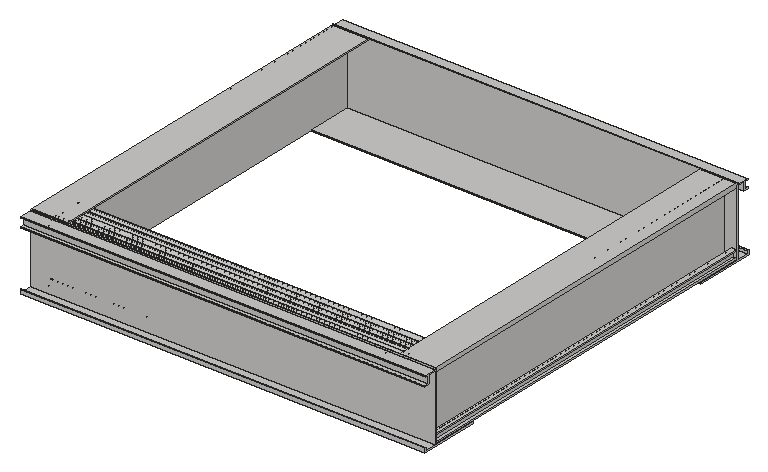
Revit family "Louver_Carnes-Ext_Alum-Drainable-Stationary-FPBB", category Duct Accessories, host Face, Revit 2012
Parameters (values of type "See Type Catalog")
  ecoScorecard_data = ""
  ecoScorecard Product Page = "http://ecoscorecard.com/"
  Width = 24"
  Warranty URL = "http://www.carnes.com/GeneralCatalogs/termcond.pdf"
  URL = "http://www.carnes.com/index.html"
  Subcategory = "Louvers and Dampers"  # constant formula
  Spec Sheet URL = "http://www.carnes.com/Louvers/pdf/17125.pdf"
  Product Page URL = "http://www.carnes.com/Louvers/FPBB-FTBB.htm"
  Product Line = "Extruded Aluminum Stationary Drainable Blade Louver"  # constant formula
  Offset = 3"
  Model = "FPBB"  # constant formula
  Minimum Size = "12\"W x 12\"H"
  Maximum Vertical Size = "84\"W x 120\"H"
  Maximum System Velocity = 1250 FPM  # constant formula
  Maximum System Pressure = 0.70 in-wg  # constant formula
  Maximum Size Note = ""
  Maximum Horinzontal Size = "120\"W x 84\"H"
  Manufacturer Phone = "608-845-6411"  # constant formula
  Manufacturer Fax = "608-845-6470"  # constant formula
  Manufacturer Email = "mailto:carnes@carnes.com"
  Manufacturer Address = "448 S. Main St., P. O. Box 930040, Verona, WI 53593-0040"  # constant formula
  Manufacturer = "CARNES COMPANY"  # constant formula
  Installation and Maintenance URL = ""
  Height = 24"
  Free Area = ""
  Frame Material = Metal - Carnes - Steel - Galvanized
  Fire Closure Device = ""
  Duct Connector 2 = "Duct Connection 2"  # constant formula
  Duct Connector 1 = "Duct Connection 1"  # constant formula
  Description = "Extruded Aluminum Stationary Drainable Blade Louver"  # constant formula
  Depth = 4 41/256"
  Default Elevation = 0"
  Cost Info = "mailto:carnes@carnes.com"
  Catalog URL = "http://www.carnes.com/Louvers/pdf/f24-25.pdf"
  Blade Width = Actual Width - 217/256" * 2  # 22 39/128"
  Blade Material = Metal - Carnes - Steel - Galvanized
  Assembly Code = "B2010300"
  Actual Width = if(Width < 6", 6", if(Width > 72", 72", Width))  # 24"
  Actual Height = if(Height < 6", 6", if(Height > 72", 72", Height))  # 24"
  95 CSI = "10200"  # constant formula
  04 CSI = "08 91 00"  # constant formula
Reference planes (in)
  plane 1 "Center (Front/Back)": y = 0
  plane 2: z = 0
  plane 3 "Center (Left/Right)": x = 0
  plane 4: x = -12
  plane 5: x = 12
  plane 6: y = 12
  plane 7: y = -12
  plane 8: y = -10.9375
  plane 9: x = -11.20993
  plane 10: x = 11.20993
  plane 11: z = -1.5
  plane 12: y = -11.47734
  plane 13: x = 22.20993
  plane 14: z = -5.375
  plane 15: z = -3
  plane 16: y = -9.48917
  plane 17: z = -1.90625
  plane 18: z = 1.5
  plane 19: z = -4.09375
  plane 20: z = -7.5
  plane 21: y = -10.85234
  plane 22: x = 10.20993
Forms (in)
  Extrusion 1, void
    sketch origin (0, 0, 0) x (1, 0, 0) y (0, 1, 0)
      loop
        line (12, -12) -> (12, 12) -> (-12, 12) -> (-12, -12) -> (12, -12)
    from 0 to -32.56442
  Sweep 2, solid, material "Metal - Carnes - Steel - Galvanized" <- "Frame Material", detail levels medium+fine
    path origin (0, -21.84066, -3) x (-1, 0, 0) y (0, -1, 0)
      loop
        line (12, -10.68775) -> (12, -32.99357)
    profile "Right-Left-Profile : Right-Left-Profile" origin (-12, 0, -3) x (-1, 0, 0) y (0, 0, 1)
      loop
        line (-2.13006, 2.01758) -> (-0.84709, 2.01758) -> (-0.84709, -2.08008) -> (-0.78459, -2.08008) -> (-0.78459, -1.99051) -> (-0.0593, -1.99051) -> (-0.0593, -1.92801) -> (-0.24689, -1.92801) -> (-0.24689, -1.49898) -> (0, -1.49898) -> (0, -1.43648) -> (-0.30939, -1.43648) -> (-0.30939, -1.92801) -> (-0.78459, -1.92801) -> (-0.78459, 2.01758) -> (-0.0625, 2.01758) -> (-0.0625, 1.83008) -> (0, 1.83008) -> (0, 2.08008) -> (-2.13006, 2.08008) -> (-2.13006, 2.01758)
  Sweep 3, solid, material "Metal - Carnes - Steel - Galvanized" <- "Frame Material", detail levels coarse
    path origin (0, -21.84066, -3) x (-1, 0, 0) y (0, -1, 0)
      loop
        line (0, -9.84066) -> (0, -33.84066)
    profile origin (0, 0, -3) x (-1, 0, 0) y (0, 0, 1)
      loop
        line (-12, 2.08008) -> (-12, -2.08008) -> (12, -2.08008) -> (12, 2.08008) -> (-12, 2.08008)
  Sweep 4, solid, material "Metal - Carnes - Steel - Galvanized" <- "Frame Material", detail levels medium+fine
    path origin (0, -21.84066, -3) x (-1, 0, 0) y (0, -1, 0)
      loop
        line (-12, -10.68775) -> (-12, -32.99357)
    profile "Right-Left-Profile : Right-Left-Profile" origin (12, 0, -3) x (-1, 0, 0) y (0, 0, 1)
      loop
        line (2.13006, 2.01758) -> (2.13006, 2.08008) -> (0, 2.08008) -> (0, 1.83008) -> (0.0625, 1.83008) -> (0.0625, 2.01758) -> (0.78459, 2.01758) -> (0.78459, -1.92801) -> (0.30939, -1.92801) -> (0.30939, -1.43648) -> (0, -1.43648) -> (0, -1.49898) -> (0.24689, -1.49898) -> (0.24689, -1.92801) -> (0.0593, -1.92801) -> (0.0593, -1.99051) -> (0.78459, -1.99051) -> (0.78459, -2.08008) -> (0.84709, -2.08008) -> (0.84709, 2.01758) -> (2.13006, 2.01758)
  Sweep 5, solid, material "Metal - Carnes - Steel - Galvanized" <- "Frame Material", detail levels medium+fine
    path origin (0, -21.84066, -3) x (-1, 0, 0) y (0, -1, 0)
      loop
        line (12, -33.84066) -> (-12, -33.84066)
    profile "Profile : Profile" origin (0, 12, -3) x (0, 1, 0) y (0, 0, 1)
      loop
        line (-3.54633, -2.01758) -> (-3.54633, -2.08008) -> (0, -2.08008) -> (0, -1.83008) -> (-0.0625, -1.83008) -> (-0.0625, -2.01758) -> (-0.78459, -2.01758) -> (-0.78459, 1.92801) -> (-0.30939, 1.92801) -> (-0.30939, 1.43648) -> (0, 1.43648) -> (0, 1.49898) -> (-0.24689, 1.49898) -> (-0.24689, 1.92801) -> (-0.0593, 1.92801) -> (-0.0593, 1.99051) -> (-0.78459, 1.99051) -> (-0.78459, 2.08008) -> (-0.84709, 2.08008) -> (-0.84709, -2.01758) -> (-3.54633, -2.01758)
  Sweep 6, solid, material "Metal - Carnes - Steel - Galvanized" <- "Frame Material", detail levels medium+fine
    path origin (0, 21.84066, -3) x (1, 0, 0) y (0, 1, 0)
      loop
        line (-12, -33.84066) -> (12, -33.84066)
    profile "Profile : Profile" origin (0, -12, -3) x (0, 1, 0) y (0, 0, 1)
      loop
        line (3.54633, -2.01758) -> (0.84709, -2.01758) -> (0.84709, 2.08008) -> (0.78459, 2.08008) -> (0.78459, 1.99051) -> (0.0593, 1.99051) -> (0.0593, 1.92801) -> (0.24689, 1.92801) -> (0.24689, 1.49898) -> (0, 1.49898) -> (0, 1.43648) -> (0.30939, 1.43648) -> (0.30939, 1.92801) -> (0.78459, 1.92801) -> (0.78459, -2.01758) -> (0.0625, -2.01758) -> (0.0625, -1.83008) -> (0, -1.83008) -> (0, -2.08008) -> (3.54633, -2.08008) -> (3.54633, -2.01758)
Lines and regions (in)
  symbolic lines, style "Damper"
    curve 1: line (12, 12, -3) -> (12, -12, -3)
    curve 2: line (-12, 12, -3) -> (12, 12, -3)
    curve 3: line (-12, -12, -3) -> (-12, 12, -3)
    curve 4: line (12, -12, -3) -> (-12, -12, -3)
  symbolic lines, style "Damper", detail levels medium+fine
    curve 5: line (12, 11.15291, -3) -> (-12, 11.15291, -3)
    curve 6: line (-12, -11.21541, -3) -> (12, -11.21541, -3)
    curve 7: line (9.86994, -11.21541, -3) -> (9.86994, 11.15291, -3)
    curve 8: line (-9.86994, 11.15291, -3) -> (-9.86994, -11.21541, -3)
Dimensions and locks (in)
  equal spacing: plane 7, plane 1 "Center (Front/Back)", plane 6
  equal spacing: plane 4, plane 3 "Center (Left/Right)", plane 5
  "Actual Width": plane 4 to plane 5
  "Actual Height": plane 6 to plane 7
  locked: plane 7 to plane 8 at 1.0625
  locked: plane 4 to plane 9 at 0.79007
  locked: plane 10 to plane 5 at 0.79007
  locked: plane 12 to plane 7 at 0.52266
  locked: plane 14 to plane 15 at 2.375
  locked: plane 16 to plane 8 at 1.44833
  "Offset": level to plane 15
  locked: plane 17 to plane 18 at 3.40625
  locked: plane 15 to plane 17 at 1.09375
  locked: plane 15 to plane 19 at 1.09375
  locked: plane 19 to plane 20 at 3.40625
  equal spacing: Sweep 3 sketch curve, plane 3 "Center (Left/Right)", Sweep 3 sketch curve
  "Actual Width": Sweep 3 sketch curve to Sweep 3 sketch curve
  locked: plane 7 to plane 21 at 1.14766
  locked: plane 5 to plane 22 at 1.79007
  aligned and locked: plane 2 to host face
  aligned and locked: level to host face
  aligned and locked: plane 5 to Extrusion 1 sketch curve
  aligned and locked: plane 7 to Extrusion 1 sketch curve
  aligned and locked: Extrusion 1 sketch curve to plane 4
  aligned and locked: Extrusion 1 sketch curve to plane 6
  aligned and locked: Extrusion 1 to level
  aligned: nested 2 to plane 12
  aligned: nested 2 to nested 5
  aligned: nested 5 to nested 4
  aligned: nested 4 to nested 6
  aligned: nested 3 to nested 5
  aligned: nested 1 to nested 5
  aligned: nested 3 to nested 2  (x2)
  aligned: nested 5 to nested 3  (x2)
  aligned: nested 4 to nested 5  (x2)
  aligned: nested 6 to nested 4  (x2)
  aligned: nested 6 to plane 15  (x3)
  aligned: nested 3 to plane 15  (x3)
  aligned: nested 5 to plane 15  (x3)
  aligned: nested 4 to plane 15  (x3)
  aligned: nested 2 to plane 15  (x3)
  aligned: nested 1 to plane 15  (x3)
  aligned: plane 16 to nested 6
  aligned: plane 12 to nested 1
  aligned and locked: plane 6 to Sweep 3 sketch curve
  aligned and locked: plane 7 to Sweep 3 sketch curve
  aligned and locked: plane 3 "Center (Left/Right)" to Sweep 3 sketch curve
  aligned: Sweep 2 to nested 1
  aligned: nested 1 to Sweep 2  (x2)
  aligned: nested 2 to plane 21
  aligned: nested 6 to Sweep 2
  aligned: nested 4 to Sweep 2
  aligned: nested 5 to Sweep 2
  aligned: nested 3 to Sweep 2
  aligned: nested 2 to Sweep 2
  aligned and locked: nested 1 to nested 2
  aligned and locked: nested 2 to nested 3
  aligned and locked: nested 3 to nested 5
  aligned and locked: nested 5 to nested 4
  aligned and locked: nested 4 to nested 6
  aligned and locked: plane 5 to Sweep 4 sketch curve
  aligned and locked: plane 6 to Sweep 5 sketch curve
  aligned and locked: plane 5 to Sweep 5 sketch curve
  aligned and locked: plane 4 to Sweep 5 sketch curve
  aligned and locked: Sweep 2 sketch curve to Sweep 5
  aligned and locked: Sweep 5 to Sweep 4 sketch curve
  aligned and locked: plane 7 to Sweep 6 sketch curve
  aligned and locked: plane 4 to Sweep 6 sketch curve
  aligned and locked: plane 5 to Sweep 6 sketch curve
  aligned and locked: Sweep 6 to Sweep 2 sketch curve
  aligned and locked: Sweep 4 sketch curve to Sweep 6
  aligned and locked: nested 1 to Sweep 6
  aligned and locked: Sweep 3 sketch curve to Sweep 6  (x2)
  aligned and locked: nested 1 to plane 15
  aligned and locked: nested 2 to plane 15
  aligned and locked: nested 3 to plane 15
  aligned and locked: nested 5 to plane 15
  aligned and locked: nested 4 to plane 15
  aligned and locked: nested 6 to plane 15
  aligned and locked: curve 7 to Sweep 4
  aligned and locked: curve 8 to Sweep 2
  aligned and locked: curve 5 to Sweep 5
  aligned and locked: Sweep 6 to curve 6
  aligned and locked: plane 5 to curve 6
  aligned and locked: plane 3 "Center (Left/Right)" to nested 1
Automatic sketch dimensions
  host sketch curve to host sketch curve = 96"  (x2)
  Sweep 2 sketch curve to plane 4 = 0"
  curve 2 to plane 4 = 0"
  curve 3 to plane 6 = 0"
  plane 7 to curve 3 = 0"
Nested families (in)
  nested 1: "Blade" at (0, -11.15291, -4.90943), type "Blades", detail levels fine
  nested 2: "Blade" at (0, -10.75525, -4.90943), type "Blades", detail levels fine
  nested 3: "Blade" at (0, -10.35758, -4.90943), type "Blades", detail levels fine
  nested 4: "Blade" at (0, -9.56226, -4.90943), type "Blades", detail levels fine
  nested 5: "Blade" at (0, -9.95992, -4.90943), type "Blades", detail levels fine
  nested 6: "Blade" at (0, -9.1646, -4.90943), type "Blades", detail levels fine
Connectors (in)
  hvac at (0, 0, -0.91992), driven by "Actual Height", driven by "Actual Width", driven by "Duct Connector 1"
    settings: on Sweep 3, index 1, duct flow 0 CFM, flow factor 0, pres drop 0.00 in-wg, loss coef 0, conn angle 0.00°, conn width 24", conn height 24", conn radius 12", duct sys type 3, conn prof type 1, flow config 0, flow direction 0, loss method 0, conn ref index 2, conn util no, is conn primary yes, conn desc "Duct Connection 1"
  hvac at (0, 0, -5.08008), driven by "Actual Height", driven by "Actual Width", driven by "Duct Connector 2"
    settings: on Sweep 3, index 2, duct flow 0 CFM, flow factor 0, pres drop 0.00 in-wg, loss coef 0, conn angle 0.00°, conn width 24", conn height 24", conn radius 12", duct sys type 3, conn prof type 1, flow config 0, flow direction 0, loss method 0, conn ref index 1, conn util no, is conn primary no, conn desc "Duct Connection 2"
Definition of nested family "Blade"
  Parameters (values of type "Blades")
    Width = 22 39/128"
    Unit = Metal - Carnes - Steel - Galvanized
    Assembly Code = ""
  Reference planes (in)
    plane 1 "Center (Front/Back)": y = 0
    plane 2: z = 0
    plane 3 "Center (Left/Right)": x = 0
    plane 4: x = -11.15234
    plane 5: x = 11.15234
    plane 6: z = 3.75781
    plane 7: z = 0.12354
    plane 8: y = 0.39766
    plane 9: z = 3.69531
    plane 10: z = 1.90943
  Forms (in)
    Extrusion 1, solid, material "Metal - Carnes - Steel - Galvanized" <- "Unit"
      sketch origin (0, 0, 0.35938) x (0, 1, 0) y (0, 0, 1)
        loop
          arc (0.23008, 2.94075) -> (0.19883, 3.33594) -> (0.16758, 2.94075) r 0.19883
          line (0.16758, 2.94075) -> (0.16758, 0.15936)
          arc (0.16758, 0.15936) -> (0.19883, -0.23583) -> (0.23008, 0.15936) r 0.19883
          line (0.23008, 0.15936) -> (0.23008, 2.94075)
        loop
          circle (0.19883, 3.13711) r 0.13633
        loop
          circle (0.19883, -0.037) r 0.13633
      from -11.15234 to 11.15234
  Lines and regions (in)
    symbolic lines, style "Damper"
      curve 1: line (-9.87109, 0.39763, 0) -> (9.87109, 0.39763, 0)
      curve 2: line (9.87109, 0, 0) -> (-9.87109, 0, 0)
      curve 3: line (-9.87109, 0, 0) -> (-9.87109, 0.39763, 0)
      curve 4: line (9.87109, 0, 0) -> (9.87109, 0.39763, 0)
  Dimensions and locks (in)
    equal spacing: plane 4, plane 3 "Center (Left/Right)", plane 5
    "Width": plane 4 to plane 5
    plane 6 to level = 3 97/128"
    locked: plane 6 to plane 9 at 0.0625
    locked: plane 4 to curve 3 at 1.28125
    locked: curve 4 to plane 5 at 1.28125
    aligned and locked: level to plane 2
    aligned and locked: plane 4 to Extrusion 1
    aligned and locked: plane 5 to Extrusion 1
    aligned and locked: curve 2 to plane 1 "Center (Front/Back)"
  Automatic sketch dimensions
    Extrusion 1 sketch curve to Extrusion 1 sketch curve = 0"  (x5)
    Extrusion 1 sketch curve to plane 1 "Center (Front/Back)" = 0.16758"
    Extrusion 1 sketch curve to Extrusion 1 sketch curve = 1/32"  (x3)
    level to Extrusion 1 sketch curve = 0.32237"
    Extrusion 1 sketch curve to Extrusion 1 sketch curve = 0.19636"  (x2)
    Extrusion 1 sketch curve to Extrusion 1 sketch curve = 2.78139"
    plane 8 to curve 3 = 0.00003"
    radius of Extrusion 1 sketch curve = 0.13633"  (x2)
